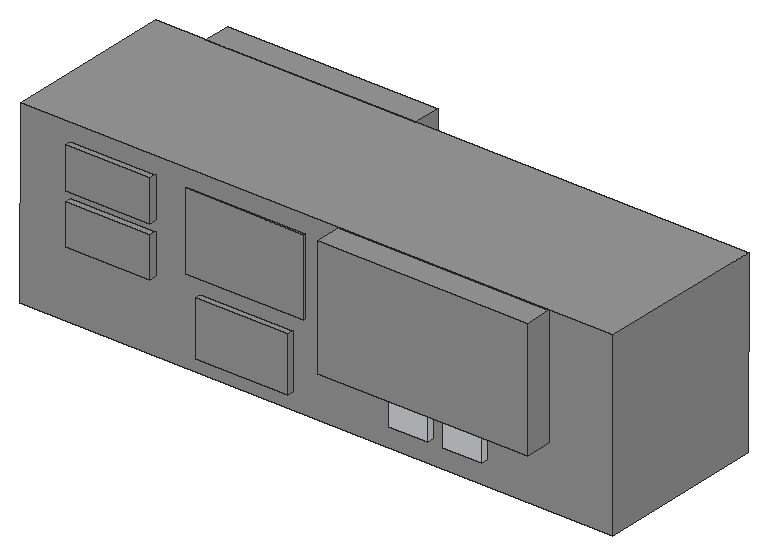
Revit family "ElectronicsBenchTop", category Furniture, Revit 2025
Family settings
  OmniClass Number = 23.40.20.00
  OmniClass Title = General Furniture and Specialties
  Work Plane-Based = No
  Enable Cutting in Views = No
  Always vertical = Yes
  Cut with Voids When Loaded = No
  Render Appearance Source = Family Geometry
  Shared = No
  Room Calculation Point = No
Parameters
  Default Elevation = 0 mm
Reference planes
  plane 1 "Front Face": y = -255.942
  plane 2: z = 0
  plane 3 "Left": x = 0
  plane 4 "Right": x = 1750
  plane 5: x = 150
  plane 6: x = 400
  plane 7: x = 492
  plane 8: x = 535
  plane 9: x = 805
  plane 10: x = 842
  plane 11: x = 942
  plane 12: x = 1562
  plane 13 "Centreline": y = -5.942
  plane 14: z = 0
  plane 15 "Top": z = 530
  plane 16: y = 244.058
Forms (mm)
  Extrusion 1, solid, material "Plywood, Side, 7 Ply"
    sketch origin (829.616, -5.942, 120.888) x (1, 0, 0) y (0, 0, 1)
      loop
        line (-829.616, -120.888) -> (920.384, -120.888) -> (920.384, 409.112) -> (-829.616, 409.112) -> (-829.616, -120.888)
    from -250 to 250
  Extrusion 2, solid, material "Asphalt, Bitumen"
    sketch origin (-0.384, -5.942, 0) x (1, 0, 0) y (0, 0, 1)
      loop
        line (942, 530) -> (942, 180) -> (1562, 180) -> (1562, 530) -> (942, 530)
    from 250 to 330
  Extrusion 3, solid, material "Asphalt, Bitumen"
    sketch origin (-0.384, -5.942, 0) x (1, 0, 0) y (0, 0, 1)
      loop
        line (842, 480) -> (492, 480) -> (492, 253) -> (842, 253) -> (842, 480)
    from 150 to 255
  Extrusion 4, solid, material "Plastic, Formed"
    sketch origin (-0.384, -5.942, 0) x (1, 0, 0) y (0, 0, 1)
      loop
        line (535, 210) -> (535, 50) -> (805, 50) -> (805, 210) -> (535, 210)
    from -35.942 to 270
  Extrusion 5, solid, material "Plastic, Formed"
    sketch origin (-0.384, -5.942, 0) x (1, 0, 0) y (0, 0, 1)
      loop
        line (150, 480) -> (150, 360) -> (400, 360) -> (400, 480) -> (150, 480)
      loop
        line (150, 330) -> (150, 210) -> (400, 210) -> (400, 330) -> (150, 330)
    from 0 to 270
  Extrusion 6, solid, material "Asphalt, Bitumen"
    sketch origin (1710.436, -5.942, 0) x (-1, 0, 0) y (0, 0, 1)
      loop
        line (942, 530) -> (942, 180) -> (1562, 180) -> (1562, 530) -> (942, 530)
    from 250 to 330
  Extrusion 7, solid, material "Asphalt, Bitumen"
    sketch origin (1710.436, -5.942, 0) x (-1, 0, 0) y (0, 0, 1)
      loop
        line (842, 480) -> (492, 480) -> (492, 253) -> (842, 253) -> (842, 480)
    from 150 to 255
  Extrusion 8, solid, material "Plastic, Formed"
    sketch origin (1710.436, -5.942, 0) x (-1, 0, 0) y (0, 0, 1)
      loop
        line (535, 210) -> (535, 50) -> (805, 50) -> (805, 210) -> (535, 210)
    from -35.942 to 270
  Extrusion 9, solid, material "Plastic, Formed"
    sketch origin (1710.436, -5.942, 0) x (-1, 0, 0) y (0, 0, 1)
      loop
        line (150, 480) -> (150, 360) -> (400, 360) -> (400, 480) -> (150, 480)
      loop
        line (150, 330) -> (150, 210) -> (400, 210) -> (400, 330) -> (150, 330)
    from 0 to 270
  Extrusion 10, solid
    sketch origin (97.34, -175.942, 567.771) x (1, 0, 0) y (0, 0, 1)
      loop
        line (1166.781, -422.24) -> (1166.781, -497.24) -> (1281.781, -497.24) -> (1281.781, -422.24) -> (1166.781, -422.24)
    from 0 to 100
  Extrusion 11, void
    sketch origin (-242.88, -275.942, 571.553) x (1, 0, 0) y (0, 0, 1)
      loop
        circle (1535.231, -463.13) r 15
      loop
        circle (1594.387, -462.957) r 15
    from 0 to 5
  Extrusion 12, solid
    sketch origin (-62.66, -175.942, 567.771) x (1, 0, 0) y (0, 0, 1)
      loop
        line (1166.781, -422.24) -> (1166.781, -497.24) -> (1281.781, -497.24) -> (1281.781, -422.24) -> (1166.781, -422.24)
    from 0 to 100
  Extrusion 13, void
    sketch origin (-402.88, -275.942, 571.553) x (1, 0, 0) y (0, 0, 1)
      loop
        circle (1535.231, -463.13) r 15
      loop
        circle (1594.387, -462.957) r 15
    from 0 to 5
  Extrusion 14, solid, not visible
    sketch origin (340.219, 0, -4.515) x (1, 0, 0) y (0, 0, 1)
      loop
        line (1166.781, -422.24) -> (1166.781, -497.24) -> (1281.781, -497.24) -> (1281.781, -422.24) -> (1166.781, -422.24)
    from 0 to 100
  Extrusion 15, void, not visible
    sketch origin (0, 0, -0.733) x (1, 0, 0) y (0, 0, 1)
      loop
        circle (1535.231, -463.13) r 15
      loop
        circle (1594.387, -462.957) r 15
    from 0 to 5
  Extrusion 16, solid, not visible
    sketch origin (180.219, 0, -4.515) x (1, 0, 0) y (0, 0, 1)
      loop
        line (1166.781, -422.24) -> (1166.781, -497.24) -> (1281.781, -497.24) -> (1281.781, -422.24) -> (1166.781, -422.24)
    from 0 to 100
  Extrusion 17, void, not visible
    sketch origin (-160, 0, -0.733) x (1, 0, 0) y (0, 0, 1)
      loop
        circle (1535.231, -463.13) r 15
      loop
        circle (1594.387, -462.957) r 15
    from 0 to 5
  Extrusion 18, solid
    sketch origin (1584.862, 164.058, 567.771) x (-1, 0, 0) y (0, 0, 1)
      loop
        line (1166.781, -422.24) -> (1166.781, -497.24) -> (1281.781, -497.24) -> (1281.781, -422.24) -> (1166.781, -422.24)
    from 0 to 100
  Extrusion 19, void
    sketch origin (1925.082, 264.058, 571.553) x (-1, 0, 0) y (0, 0, 1)
      loop
        circle (1535.231, -463.13) r 15
      loop
        circle (1594.387, -462.957) r 15
    from 0 to 5
  Extrusion 20, solid
    sketch origin (1744.862, 164.058, 567.771) x (-1, 0, 0) y (0, 0, 1)
      loop
        line (1166.781, -422.24) -> (1166.781, -497.24) -> (1281.781, -497.24) -> (1281.781, -422.24) -> (1166.781, -422.24)
    from 0 to 100
  Extrusion 21, void
    sketch origin (2085.082, 264.058, 571.553) x (-1, 0, 0) y (0, 0, 1)
      loop
        circle (1535.231, -463.13) r 15
      loop
        circle (1594.387, -462.957) r 15
    from 0 to 5
  Extrusion 22, solid, not visible
    sketch origin (97.34, 80, 567.327) x (1, 0, 0) y (0, 0, 1)
      loop
        line (1166.781, -422.24) -> (1166.781, -497.24) -> (1281.781, -497.24) -> (1281.781, -422.24) -> (1166.781, -422.24)
    from 0 to 100
  Extrusion 23, void, not visible
    sketch origin (-242.88, -20, 571.109) x (1, 0, 0) y (0, 0, 1)
      loop
        circle (1535.231, -463.13) r 15
      loop
        circle (1594.387, -462.957) r 15
    from 0 to 5
  Extrusion 24, solid, not visible
    sketch origin (-62.66, 80, 567.327) x (1, 0, 0) y (0, 0, 1)
      loop
        line (1166.781, -422.24) -> (1166.781, -497.24) -> (1281.781, -497.24) -> (1281.781, -422.24) -> (1166.781, -422.24)
    from 0 to 100
  Extrusion 25, void, not visible
    sketch origin (-402.88, -20, 571.109) x (1, 0, 0) y (0, 0, 1)
      loop
        circle (1535.231, -463.13) r 15
      loop
        circle (1594.387, -462.957) r 15
    from 0 to 5
  Extrusion 26, solid, material "Plywood, Side, 7 Ply", not visible
    sketch origin (829.616, -1903.81, 1413.477) x (1, 0, 0) y (0, 0, 1)
      loop
        line (-829.616, -130.888) -> (920.384, -130.888) -> (920.384, 399.112) -> (-829.616, 399.112) -> (-829.616, -130.888)
    from -350 to 250
  Extrusion 27, solid, material "Asphalt, Bitumen", not visible
    sketch origin (-0.384, -1903.81, 1272.588) x (1, 0, 0) y (0, 0, 1)
      loop
        line (942, 530) -> (942, 180) -> (1562, 180) -> (1562, 530) -> (942, 530)
    from 250 to 330
  Extrusion 28, solid, material "Asphalt, Bitumen", not visible
    sketch origin (-0.384, -1903.81, 1272.588) x (1, 0, 0) y (0, 0, 1)
      loop
        line (842, 480) -> (492, 480) -> (492, 253) -> (842, 253) -> (842, 480)
    from 150 to 255
  Extrusion 29, solid, material "Plastic, Formed", not visible
    sketch origin (-0.384, -1903.81, 1272.588) x (1, 0, 0) y (0, 0, 1)
      loop
        line (535, 210) -> (535, 50) -> (805, 50) -> (805, 210) -> (535, 210)
    from -35.942 to 270
  Extrusion 30, solid, material "Plastic, Formed", not visible
    sketch origin (-0.384, -1903.81, 1272.588) x (1, 0, 0) y (0, 0, 1)
      loop
        line (150, 480) -> (150, 360) -> (400, 360) -> (400, 480) -> (150, 480)
      loop
        line (150, 330) -> (150, 210) -> (400, 210) -> (400, 330) -> (150, 330)
    from 0 to 270
  Extrusion 31, solid, material "Asphalt, Bitumen", not visible
    sketch origin (1710.436, -1803.81, 1272.588) x (-1, 0, 0) y (0, 0, 1)
      loop
        line (942, 530) -> (942, 180) -> (1562, 180) -> (1562, 530) -> (942, 530)
    from 250 to 330
  Extrusion 32, solid, material "Asphalt, Bitumen", not visible
    sketch origin (1710.436, -1803.81, 1272.588) x (-1, 0, 0) y (0, 0, 1)
      loop
        line (842, 480) -> (492, 480) -> (492, 253) -> (842, 253) -> (842, 480)
    from 150 to 255
  Extrusion 33, solid, material "Plastic, Formed", not visible
    sketch origin (1710.436, -1803.81, 1272.588) x (-1, 0, 0) y (0, 0, 1)
      loop
        line (535, 210) -> (535, 50) -> (805, 50) -> (805, 210) -> (535, 210)
    from -35.942 to 270
  Extrusion 34, solid, material "Plastic, Formed", not visible
    sketch origin (1710.436, -1803.81, 1272.588) x (-1, 0, 0) y (0, 0, 1)
      loop
        line (150, 480) -> (150, 360) -> (400, 360) -> (400, 480) -> (150, 480)
      loop
        line (150, 330) -> (150, 210) -> (400, 210) -> (400, 330) -> (150, 330)
    from 0 to 270
  Extrusion 35, solid, not visible
    sketch origin (97.34, -2073.81, 1840.359) x (1, 0, 0) y (0, 0, 1)
      loop
        line (1166.781, -422.24) -> (1166.781, -497.24) -> (1281.781, -497.24) -> (1281.781, -422.24) -> (1166.781, -422.24)
    from 0 to 100
  Extrusion 36, void, not visible
    sketch origin (-242.88, -2173.81, 1844.141) x (1, 0, 0) y (0, 0, 1)
      loop
        circle (1535.231, -463.13) r 15
      loop
        circle (1594.387, -462.957) r 15
    from 0 to 5
  Extrusion 37, solid, not visible
    sketch origin (-62.66, -2073.81, 1840.359) x (1, 0, 0) y (0, 0, 1)
      loop
        line (1166.781, -422.24) -> (1166.781, -497.24) -> (1281.781, -497.24) -> (1281.781, -422.24) -> (1166.781, -422.24)
    from 0 to 100
  Extrusion 38, void, not visible
    sketch origin (-402.88, -2173.81, 1844.141) x (1, 0, 0) y (0, 0, 1)
      loop
        circle (1535.231, -463.13) r 15
      loop
        circle (1594.387, -462.957) r 15
    from 0 to 5
  Extrusion 39, solid, not visible
    sketch origin (1584.862, -1633.81, 1840.359) x (-1, 0, 0) y (0, 0, 1)
      loop
        line (1166.781, -422.24) -> (1166.781, -497.24) -> (1281.781, -497.24) -> (1281.781, -422.24) -> (1166.781, -422.24)
    from 0 to 100
  Extrusion 40, void, not visible
    sketch origin (1925.082, -1533.81, 1844.141) x (-1, 0, 0) y (0, 0, 1)
      loop
        circle (1535.231, -463.13) r 15
      loop
        circle (1594.387, -462.957) r 15
    from 0 to 5
  Extrusion 41, solid, not visible
    sketch origin (1744.862, -1633.81, 1840.359) x (-1, 0, 0) y (0, 0, 1)
      loop
        line (1166.781, -422.24) -> (1166.781, -497.24) -> (1281.781, -497.24) -> (1281.781, -422.24) -> (1166.781, -422.24)
    from 0 to 100
  Extrusion 42, void, not visible
    sketch origin (2085.082, -1533.81, 1844.141) x (-1, 0, 0) y (0, 0, 1)
      loop
        circle (1535.231, -463.13) r 15
      loop
        circle (1594.387, -462.957) r 15
    from 0 to 5
Cuts and joins
  Extrusion 11, Extrusion 13, Extrusion 19 cuts Extrusion 10
  Extrusion 13, Extrusion 21 cuts Extrusion 12
  Extrusion 19 cuts Extrusion 18
  Extrusion 21 cuts Extrusion 20
Dimensions and locks
  plane 3 "Left" to Extrusion 1 = 1750 mm
  locked: plane 13 "Centreline" to plane 1 "Front Face" at 250
  locked: plane 13 "Centreline" to plane 16 at 250
  locked: plane 1 "Front Face" to Extrusion 2
  locked: plane 16 to Extrusion 6
  locked: Extrusion 1 to level at 530
  aligned and locked: level to plane 2
